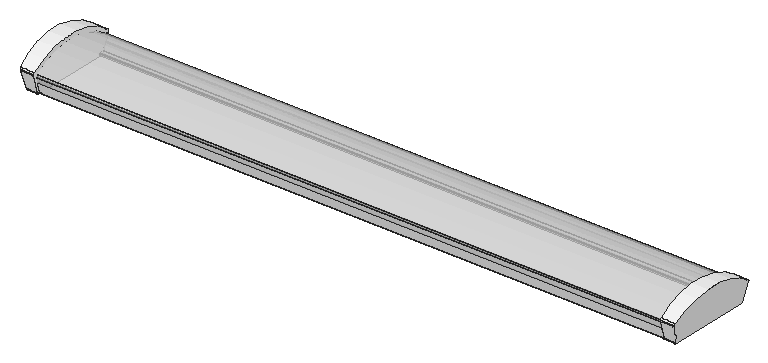
Revit family "0042931", category Lighting Fixtures, host Face, Revit 2023
Family settings
  Host = Face
  Round Connector Dimension = Use Diameter
  Part Type = Normal
  OmniClass Number = 23.80.70.00
  OmniClass Title = Lighting
  Cut with Voids When Loaded = No
  Light Source = Yes
  Maintain Annotation Orientation = No
  Shared = No
  Room Calculation Point = No
Parameters (values of type "DELTAWING 1200 4K DALI")
  Weight = "1.965 kg"
  Wattage Comments = ""
  Wattage = 35 W
  WarrantyStartDate [instance] = "n/a"
  WarrantyGuarantorParts = "n/a"
  WarrantyDurationUnit = "Years"
  WarrantyDurationParts = "5"
  WarrantyDescription = "http://www.sylvania-group.com"
  built-in parameter 1150110 = 1 (stored number, unit not read)
  Voltage = 230 V
  URL = "http://www.sylvania-group.com"
  TypeName = "Deltawing G2 1200"
  Type Image = <None>
  Type IFC Predefined Type = "IfcLightFixtureType"
  Type Comments = "n/a"
  built-in parameter 1114217 = 1 (stored number, unit not read)
  Tilt Angle = -90.00°
  built-in parameter 1150109 = 1 (stored number, unit not read)
  built-in parameter 1150134 = 12
  built-in parameter 1150113 = 1 (stored number, unit not read)
  SerialNumber [instance] = "n/a"
  Photometric Web File = "0042931.IES"
  Material_3_SYL = Polycarbonate_Opal_4000K
  PowerFactor = 0.9
  PowerConsumption = "35 W"
  NominalLength = 1160 mm
  NominalHeight = 60 mm  # constant formula
  NominalDepth = 160 mm  # constant formula
  Name = "DELTAWING 1200 4K DALI"
  ModelReference = Name  # "DELTAWING 1200 4K DALI"
  ModelNumber = "0042931"
  Model = Name  # "DELTAWING 1200 4K DALI"
  Material = "PC Polycarbonate, Steel"
  ManufacturerName = Manufacturer  # "Feilo Sylvania"
  Manufacturer = "Feilo Sylvania"
  LuminousEfficacy = "131 lm/W"
  built-in parameter 1150105 = 1476.9 (stored number, unit not read)
  Lumens = 4585 lm
  LuminaireType = "Ceiling surface mounting,Wall surface mounted"
  built-in parameter 1150115 = 1 (stored number, unit not read)
  LightOutputRatio = ""
  built-in parameter 1150137 = (empty or 0)
  built-in parameter 1150139 = (empty or 0)
  LampsType = Lamp  # "LED"
  LampNominalLuminous = "4600 lm"
  LampMacAdamStep = "3"
  LampColourTemperature = "4000 K"
  LampColourRenderingIndex = "80"
  built-in parameter 1150112 = 1 (stored number, unit not read)
  built-in parameter 1150114 = 1 (stored number, unit not read)
  Lamp = "LED"
  Keynote = "16500"
  InstallationDate [instance] = "n/a"
  InputVoltage = "220-240 V"
  InputNominalFrequency = "50/60Hz"
  built-in parameter 1150132 = (empty or 0)
  built-in parameter 1150102 = (empty or 0)
  built-in parameter 1150107 = 4000 (stored number, unit not read)
  built-in parameter 1150138 = (empty or 0)
  IngressProtection = "IP44"
  ImpactProtectionIndex = "IK06"
  built-in parameter 1150106 = 14.769 (stored number, unit not read)
  IfcExportType = "IfcLightFixtureType"
  IfcExportAs = "IfcLightFixtureType"
  Export Type to IFC As = "IfcLightFixtureType"
  Emit from Rectangle Width = NominalDepth - 10 mm  # 150 mm
  Emit from Rectangle Length = NominalLength - (2 mm * 29)  # 1102 mm
  Emit Shape Visible in Rendering = no
  EmergencyLight = no
  ElectricShockClassification = "Class I"
  built-in parameter 1150104 = 12.17 (stored number, unit not read)
  DocumentationLiterature = "https://www.sylvania-lighting.com/product/en-int/products/item code/0042931"
  DimmingControlOptions = "DALI"
  Material_2_SYL = Polycarbonate_RAL9003_White
  Dimming Lamp Color Temperature Shift = <None>
  Description = "DELTAWING 1200 4K DALI is a ceiling and wall surface, suspended LED luminaire with opal diffuser, 1160x160x60mm dimensions, 35W system power, 4,600lm flux and 131lm/W efficacy, CRi (Ra) >80, 4000K (Neutral White) CCT, chromaticity tolerance of 3-step MacAdam ellipse, DALI dimmable driver, RAL9003 finishing, L70B50 100khrs / L80B50 80khrs lifespan, IK06 impact resistance, IP44 ingress protection rating (in ceiling surface installation), Electrial protection Class I, Glow wire test 850°C."
  Default Elevation = 1219.2 mm
  CreatedOn = "25/09/2024"
  CreatedBy = "petra.pavlicz@sylvania-lighting.com"
  Cost = 0
  Color Filter = 16777215
  built-in parameter 1114216 [instance] = (empty or 0)
  ClassificationValue = "EF_70_80"
  ClassificationName = "Uniclass2015"
  Material_1_SYL = Steel_RAL9003_White
  BarCode [instance] = "n/a"
  built-in parameter 1114218 = 1 (stored number, unit not read)
  built-in parameter 1150133 = 10 (stored number, unit not read)
  AssetType = "Fixed"
  AssetIdentifier [instance] = "n/a"
  Assembly Code = "D5020200"
  Material_4_SYL = none
  Apparent Load = 38.9 VA
Reference planes
  plane 1 "Center (Front/Back)": y = 0
  plane 2 "Bottom": z = 0
  plane 3 "Center (Left/Right)": x = 0
  plane 4 "Back": y = 80
  plane 5 "Front": y = -80
  plane 6 "Left": x = -580
  plane 7 "Right": x = 580
  plane 8: x = 264.5
  plane 9 "Cap left": x = -551
  plane 10 "Cap right": x = 551
  plane 11 "Body top": z = 22
  plane 12 "Top": z = 60
Forms (mm)
  Extrusion 1, solid, material "Polycarbonate_RAL9003_White" <- "Material_2_SYL"
    sketch origin (0, 0, 0) x (0, 1, 0) y (0, 0, 1)
      loop
        arc (78.9, 36.72) -> (0, 62.912) -> (-78.9, 36.72) r 131.933
        arc (-78.9, 36.72) -> (-80.262, 35.303) -> (-81.093, 33.522) r 6.006
        arc (-81.093, 33.522) -> (-81.203, 32.715) -> (-81.093, 31.909) r 2.998
        line (-81.093, 31.909) -> (-72.433, 0.732)
        arc (-72.433, 0.732) -> (-72.074, 0.204) -> (-71.469, 0) r 1
        line (-71.469, 0) -> (71.469, 0)
        arc (71.469, 0) -> (72.074, 0.204) -> (72.433, 0.732) r 1
        line (72.433, 0.732) -> (81.093, 31.909)
        arc (81.093, 31.909) -> (81.203, 32.715) -> (81.093, 33.522) r 2.998
        arc (81.093, 33.522) -> (80.262, 35.303) -> (78.9, 36.72) r 6.006
    from 551 to 580
  Extrusion 2, solid, material "Polycarbonate_RAL9003_White" <- "Material_2_SYL"
    sketch origin (0, 0, 0) x (0, 1, 0) y (0, 0, -1)
      loop
        arc (78.9, -36.72) -> (80.262, -35.303) -> (81.093, -33.522) r 6.006
        arc (81.093, -33.522) -> (81.203, -32.715) -> (81.093, -31.909) r 2.998
        line (81.093, -31.909) -> (72.433, -0.732)
        arc (72.433, -0.732) -> (72.074, -0.204) -> (71.469, 0) r 1
        line (71.469, 0) -> (-71.469, 0)
        arc (-71.469, 0) -> (-72.074, -0.204) -> (-72.433, -0.732) r 1
        line (-72.433, -0.732) -> (-81.093, -31.909)
        arc (-81.093, -31.909) -> (-81.203, -32.715) -> (-81.093, -33.522) r 2.998
        arc (-81.093, -33.522) -> (-80.262, -35.303) -> (-78.9, -36.72) r 6.006
        arc (-78.9, -36.72) -> (0, -62.912) -> (78.9, -36.72) r 131.933
    from 551 to 580
  Extrusion 3, solid, material "Polycarbonate_Opal_4000K" <- "Material_3_SYL"
    sketch origin (0, 0, 0) x (0, 1, 0) y (0, 0, 1)
      loop
        arc (-76.224, 31.506) -> (-77.363, 29.839) -> (-77.21, 27.825) r 3.048
        line (-77.21, 27.825) -> (-69.466, 0.817) -> (-61.986, 0.817) -> (-60.994, 4.521) -> (-60.994, 6) -> (-69.591, 6) -> (-75.893, 28.687)
        arc (-75.893, 28.687) -> (-75.707, 29.707) -> (-75.049, 30.508) r 2.061
        arc (-75.049, 30.508) -> (0, 54.886) -> (75.049, 30.508) r 127.709
        arc (75.049, 30.508) -> (75.707, 29.707) -> (75.893, 28.687) r 2.061
        line (75.893, 28.687) -> (69.591, 6) -> (60.994, 6) -> (60.994, 4.521) -> (61.986, 0.817) -> (69.466, 0.817) -> (77.21, 27.825)
        arc (77.21, 27.825) -> (77.363, 29.839) -> (76.224, 31.506) r 3.048
        arc (76.224, 31.506) -> (0, 56.5) -> (-76.224, 31.506) r 128.727
    from -551 to 551
  Extrusion 4, solid, material "Steel_RAL9003_White" <- "Material_1_SYL"
    sketch origin (0, 0, 0) x (0, 1, 0) y (0, 0, 1)
      loop
        line (-75.289, 17.92) -> (-70.492, 0.652)
        arc (-70.492, 0.652) -> (-70.134, 0.124) -> (-69.529, -0.08) r 1
        line (-69.529, -0.08) -> (69.529, -0.08)
        arc (69.529, -0.08) -> (70.134, 0.124) -> (70.492, 0.652) r 1
        line (70.492, 0.652) -> (75.289, 17.92) -> (74.518, 18.134) -> (69.762, 1.013)
        arc (69.762, 1.013) -> (69.511, 0.643) -> (69.088, 0.5) r 0.7
        line (69.088, 0.5) -> (-69.088, 0.5)
        arc (-69.088, 0.5) -> (-69.511, 0.643) -> (-69.762, 1.013) r 0.7
        line (-69.762, 1.013) -> (-74.518, 18.134) -> (-75.289, 17.92)
    from -551 to 551
  Extrusion 5, void
    sketch origin (0, 0, 0) x (1, 0, 0) y (0, 0, 1)
      loop
        line (-579.874, 62.115) -> (-585.036, 62.115) -> (-585.036, 0) -> (-570.036, 0) -> (-579.874, 62.115)
    from -107.497 to 104.736
  Extrusion 6, void
    sketch origin (0, 0, 0) x (-1, 0, 0) y (0, 0, -1)
      loop
        line (-579.874, -62.115) -> (-570.036, 0) -> (-585.036, 0) -> (-585.036, -62.115) -> (-579.874, -62.115)
    from -107.497 to 104.736
Cuts and joins
  Extrusion 5, Extrusion 6 cuts Extrusion 2
  Extrusion 6 cuts Extrusion 1
Dimensions and locks
  "NominalDepth": plane 4 "Back" to plane 5 "Front"
  equal spacing: plane 4 "Back", plane 1 "Center (Front/Back)", plane 5 "Front"
  "NominalLength": plane 6 "Left" to plane 7 "Right"
  equal spacing: plane 6 "Left", plane 3 "Center (Left/Right)", plane 7 "Right"
  "NominalHeight": plane 12 "Top" to plane 2 "Bottom"
  locked: plane 6 "Left" to plane 9 "Cap left" at 29
  locked: plane 10 "Cap right" to plane 7 "Right" at 29
  aligned and locked: plane 2 "Bottom" to host face
  aligned and locked: level to host face
  aligned and locked: plane 7 "Right" to Extrusion 1
  aligned and locked: Extrusion 1 to plane 10 "Cap right"
  aligned and locked: Extrusion 2 to plane 6 "Left"
  aligned and locked: plane 9 "Cap left" to Extrusion 2
  aligned and locked: plane 10 "Cap right" to Extrusion 3
  aligned and locked: Extrusion 3 to plane 9 "Cap left"
  aligned and locked: Extrusion 4 to plane 9 "Cap left"
  aligned and locked: plane 10 "Cap right" to Extrusion 4
  aligned and locked: plane 11 "Body top" to imposter light
Automatic sketch dimensions
  host sketch curve to host sketch curve = 2438.4 mm  (x2)
  Extrusion 1 sketch curve to level = 0 mm
  Extrusion 1 sketch curve to plane 1 "Center (Front/Back)" = 0 mm
  level to Extrusion 1 sketch curve = 1 mm
  plane 5 "Front" to Extrusion 1 sketch curve = 8.531 mm
  level to Extrusion 1 sketch curve = 0.732 mm  (x2)
  plane 5 "Front" to Extrusion 1 sketch curve = 4.692 mm
  plane 5 "Front" to Extrusion 1 sketch curve = 1.795 mm
  Extrusion 1 sketch curve to plane 4 "Back" = 8.531 mm
  Extrusion 1 sketch curve to Extrusion 1 sketch curve = 0.963 mm
  Extrusion 1 sketch curve to plane 4 "Back" = 4.692 mm
  Extrusion 1 sketch curve to plane 4 "Back" = 1.795 mm
  plane 4 "Back" to Extrusion 1 sketch curve = 1.093 mm
  Extrusion 1 sketch curve to level = 69.021 mm
  plane 11 "Body top" to Extrusion 1 sketch curve = 9.906 mm  (x2)
  Extrusion 1 sketch curve to Extrusion 1 sketch curve = 0.002 mm
  Extrusion 1 sketch curve to Extrusion 1 sketch curve = 0.807 mm
  Extrusion 1 sketch curve to Extrusion 1 sketch curve = 0.809 mm
  plane 5 "Front" to Extrusion 1 sketch curve = 1.1 mm
  Extrusion 1 sketch curve to Extrusion 1 sketch curve = 0 mm  (x3)
  Extrusion 1 sketch curve to plane 5 "Front" = 1.093 mm
  Extrusion 1 sketch curve to Extrusion 1 sketch curve = 0.001 mm
  Extrusion 1 sketch curve to Extrusion 1 sketch curve = 0.003 mm
  level to Extrusion 2 sketch curve = 0 mm
  Extrusion 2 sketch curve to plane 1 "Center (Front/Back)" = 0 mm
  level to Extrusion 2 sketch curve = 1 mm
  plane 5 "Front" to Extrusion 2 sketch curve = 8.531 mm
  level to Extrusion 2 sketch curve = 0.732 mm  (x2)
  plane 5 "Front" to Extrusion 2 sketch curve = 4.692 mm
  plane 5 "Front" to Extrusion 2 sketch curve = 1.795 mm
  Extrusion 2 sketch curve to plane 4 "Back" = 8.531 mm
  Extrusion 2 sketch curve to Extrusion 2 sketch curve = 0.963 mm
  Extrusion 2 sketch curve to plane 4 "Back" = 4.692 mm
  Extrusion 2 sketch curve to plane 4 "Back" = 1.795 mm
  plane 4 "Back" to Extrusion 2 sketch curve = 1.093 mm
  plane 11 "Body top" to Extrusion 2 sketch curve = 9.906 mm  (x2)
  Extrusion 2 sketch curve to Extrusion 2 sketch curve = 0.002 mm
  Extrusion 2 sketch curve to Extrusion 2 sketch curve = 0.807 mm
  Extrusion 2 sketch curve to Extrusion 2 sketch curve = 0.809 mm
  Extrusion 2 sketch curve to level = 69.021 mm
  plane 5 "Front" to Extrusion 2 sketch curve = 1.1 mm
  Extrusion 2 sketch curve to Extrusion 2 sketch curve = 0 mm  (x3)
  Extrusion 2 sketch curve to plane 5 "Front" = 1.093 mm
  Extrusion 2 sketch curve to Extrusion 2 sketch curve = 0.001 mm
  Extrusion 2 sketch curve to Extrusion 2 sketch curve = 0.003 mm
  Extrusion 3 sketch curve to plane 1 "Center (Front/Back)" = 0 mm  (x2)
  level to Extrusion 3 sketch curve = 4.521 mm  (x2)
  plane 5 "Front" to Extrusion 3 sketch curve = 19.006 mm
  level to Extrusion 3 sketch curve = 0.817 mm  (x2)
  Extrusion 3 sketch curve to Extrusion 3 sketch curve = 0.993 mm  (x2)
  Extrusion 3 sketch curve to Extrusion 3 sketch curve = 7.479 mm  (x2)
  Extrusion 3 sketch curve to Extrusion 3 sketch curve = 0.125 mm  (x2)
  plane 5 "Front" to Extrusion 3 sketch curve = 6.163 mm
  Extrusion 3 sketch curve to Extrusion 3 sketch curve = 0.582 mm  (x2)
  Extrusion 3 sketch curve to Extrusion 3 sketch curve = 1.474 mm  (x2)
  Extrusion 3 sketch curve to Extrusion 3 sketch curve = 1.317 mm  (x2)
  Extrusion 3 sketch curve to plane 4 "Back" = 19.006 mm
  Extrusion 3 sketch curve to plane 4 "Back" = 6.163 mm
  Extrusion 3 sketch curve to level = 72.227 mm
  Extrusion 3 sketch curve to Extrusion 3 sketch curve = 0.596 mm
  Extrusion 3 sketch curve to Extrusion 3 sketch curve = 5.183 mm
  Extrusion 3 sketch curve to Extrusion 3 sketch curve = 1.479 mm
  plane 11 "Body top" to Extrusion 3 sketch curve = 5.825 mm  (x2)
  Extrusion 3 sketch curve to Extrusion 3 sketch curve = 0.862 mm  (x2)
  Extrusion 3 sketch curve to Extrusion 3 sketch curve = 0.153 mm  (x2)
  Extrusion 3 sketch curve to Extrusion 3 sketch curve = 0.21 mm  (x2)
  Extrusion 3 sketch curve to Extrusion 3 sketch curve = 0 mm  (x2)
  plane 5 "Front" to Extrusion 4 sketch curve = 4.711 mm
  Extrusion 4 sketch curve to Extrusion 4 sketch curve = 0.771 mm
  level to Extrusion 4 sketch curve = 0.652 mm  (x2)
  plane 5 "Front" to Extrusion 4 sketch curve = 9.508 mm
  level to Extrusion 4 sketch curve = 1.013 mm  (x2)
  Extrusion 4 sketch curve to Extrusion 4 sketch curve = 0.73 mm  (x2)
  Extrusion 4 sketch curve to Extrusion 4 sketch curve = 0.233 mm  (x2)
  level to Extrusion 4 sketch curve = 0.5 mm
  Extrusion 4 sketch curve to Extrusion 4 sketch curve = 0.441 mm  (x2)
  Extrusion 4 sketch curve to plane 4 "Back" = 10.912 mm
  Extrusion 4 sketch curve to plane 4 "Back" = 5.482 mm
  Extrusion 4 sketch curve to plane 11 "Body top" = 4.08 mm
  Extrusion 4 sketch curve to level = 0.08 mm
  Extrusion 5 sketch curve to level = 0 mm
  Extrusion 5 sketch curve to plane 6 "Left" = 5.036 mm
  plane 6 "Left" to Extrusion 5 sketch curve = 0.126 mm
  plane 6 "Left" to Extrusion 5 sketch curve = 9.964 mm
  plane 12 "Top" to Extrusion 5 sketch curve = 2.115 mm
  Extrusion 6 sketch curve to level = 0 mm
  plane 7 "Right" to Extrusion 6 sketch curve = 5.036 mm
  Extrusion 6 sketch curve to plane 7 "Right" = 0.126 mm
  Extrusion 6 sketch curve to plane 7 "Right" = 9.964 mm
  plane 12 "Top" to Extrusion 6 sketch curve = 2.115 mm
Connectors
  electrical at (0, 0, 0), driven by "Apparent Load", driven by "PowerFactor", driven by "Voltage"
    settings: index 1, voltage 230 V, apparent load 38.9 VA, apparent load phase1 0 VA, apparent load phase2 0 VA, apparent load phase3 0 VA, power factor 0.9, load classification "Lighting", number of poles 1, system type 30, power factor state 1, is connector primary yes, connector utility no, sub classification motor no, connector description ""
